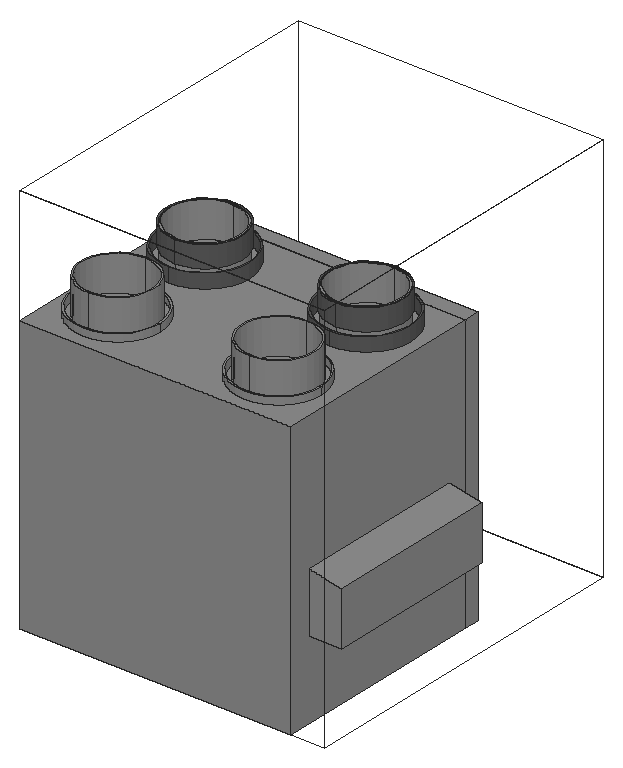
Revit family "Broan_HRV_B150H75NT_ReferenceGeometry", category Mechanical Equipment, Revit 2027
Family settings
  Round Connector Dimension = Use Diameter
  Classification = None
  Part Type = Normal
  Work Plane-Based = Yes
  Always vertical = No
  Cut with Voids When Loaded = No
  Maintain Annotation Orientation = No
  Shared = No
  Room Calculation Point = No
Parameters (values of type "Broan®_AI_Series™-110_CFM-Heat_Recovery_Ventilator_(HRV)-Top_Port-65%_eff")
  c Width MC = Width - c Width  # 2.32"
  c Vent Height = (Height - c Height)  # 2.45"
  c Top Clearance = if(c Constraints > 3, 9.00", 8.00")  # 8.00"
  c Right Clrearence = 0.00"  # constant formula
  c Offset vent side = (Length - 1.00") / 4  # 3.785"
  c MC width = Length - 4.00"  # 12.14"
  c Left Clearance = 0.00"  # constant formula
  c Height = 19.13"  # constant formula
  c Gen Diameter = if(c Constraints > 3, 6.00", 5.00")  # 5.00"
  c Front Clearance = 8.00"  # constant formula
  c Constraints = 1
  c Back Clearance = 0.00"  # constant formula
  Width = 21.07"  # constant formula
  Voltage = 120 V
  Version = ""
  URL = "https://www.broan-nutone.com/"
  Support Phone = "(224) 699-9545"  # constant formula
  Support Email = "mailto:support@anguleris.com"
  Supply Air Connection Diameter = c Gen Diameter  # 5"
  Return Air Connection Diameter = c Gen Diameter  # 5"
  Requirements and Standards = "UL 1812\r\nCSA F326\r\nCSA C439\r\nProp 65"
  Product Page URL = "https://www.broan-nutone.com/en-us/product/freshairsystems/b110h65rt"
  Product Name = "Broan® AI Series™ 110 CFM Heat Recovery Ventilator (HRV)"
  Product Documentation Link = "https://www.broan-nutone.com/getmedia/1c04f086-0de4-4a5a-b63e-71b407a4ad9e/Spec-Sheet-B110H65.pdf?ext=.pdf"
  Power Factor = 0.9
  Phase = 1
  Operating Weight = 35.00 lbf
  Number of Poles = 1
  Noise = 66.8
  Model = "B110H65RT"
  Manufacturer Phone Number = "800-558-1711"  # constant formula
  Manufacturer Contact Information = "mailto:info@broan-nutone.com"
  Manufacturer Address = "\"926 W State St, Hartford, WI 53027\""
  Manufacturer = "Broan"  # constant formula
  Length = 16.14"  # constant formula
  Height = 21.58"  # constant formula
  Frequency = 60 Hz
  Fan Wattage = 90 W
  Exhaust Air Connection Diameter = c Gen Diameter  # 5"
  Default Elevation = 0.00"
  Copyright = "\"Copyright © 2021 Broan-NuTone, LLC. All Rights Reserved\""
  c Width = 18.75"  # constant formula
  Clearance [instance] = yes
  Air Volume = if(c Constraints = 1, 110 CFM, (if(c Constraints = 2, 130 CFM, (if(c Constraints = 3, 150 CFM, (if(c Constraints = 4, 160 CFM, 160 CFM)))))))  # 110 CFM
Types (5): name | c Top Clearance | c Gen Diameter | c Constraints | Supply Air Connection Diameter | Return Air Connection Diameter | Requirements and Standards | Product Page URL | Product Name | Product Documentation Link | Power Factor | Noise | Model | Fan Wattage | Exhaust Air Connection Diameter | Air Volume
  Broan®_AI_Series™-130_CFM-Heat_Recovery_Ventilator_(HRV)-Top_Port-65%_eff | 8.00" | 5.00" | 2 | 5" | 5" | "UL 1812\r\nCSA F326\r\nCSA C439\r\nProp 65" | "https://www.broan-nutone.com/en-us/product/freshairsystems/b130h65rt" | "Broan® AI Series™ 130 CFM Heat Recovery Ventilator (HRV)" | "https://www.broan-nutone.com/getmedia/75f200b4-70e0-48f7-8651-3ee9bc02cae4/Spec-Sheet-B130H65.pdf?ext=.pdf" | 0 | 70 | "B130H65RT" | 110 W | 5" | 130 CFM
  Broan®_AI_Series™-110_CFM-Heat_Recovery_Ventilator_(HRV)-Top_Port-65%_eff | 8.00" | 5.00" | 1 | 5" | 5" | "UL 1812\r\nCSA F326\r\nCSA C439\r\nProp 65" | "https://www.broan-nutone.com/en-us/product/freshairsystems/b110h65rt" | "Broan® AI Series™ 110 CFM Heat Recovery Ventilator (HRV)" | "https://www.broan-nutone.com/getmedia/1c04f086-0de4-4a5a-b63e-71b407a4ad9e/Spec-Sheet-B110H65.pdf?ext=.pdf" | 0.9 | 66.8 | "B110H65RT" | 90 W | 5" | 110 CFM
  Broan®_AI_Series™-160_CFM-Heat_Recovery_Ventilator_(HRV)-Top_Port-65%_eff | 9.00" | 6.00" | 4 | 6" | 6" | "UL 1812\r\nCSA F326\r\nCSA C439\r\nProp 65\r\nENERGY STAR®" | "https://www.broan-nutone.com/en-us/product/freshairsystems/b160h65rt" | "Broan® AI Series™ 160 CFM Heat Recovery Ventilator (HRV)" | "https://www.broan-nutone.com/getmedia/3ec22979-19c4-4f1e-94fd-1388d9e66583/Spec-Sheet-B160H65.pdf?ext=.pdf" | 0 | 73.2 | "B160H65RT" | 163 W | 6" | 160 CFM
  Broan®_AI_Series™-160_CFM-Heat_Recovery_Ventilator_(HRV)-Top_Port-75%_eff | 9.00" | 6.00" | 5 | 6" | 6" | "UL 1812\r\nCSA F326\r\nCSA C439\r\nProp 65\r\nENERGY STAR®" | "https://www.broan-nutone.com/en-us/product/freshairsystems/b160h75rt" | "Broan® AI Series™ 160 CFM Heat Recovery Ventilator (HRV)" | "https://www.broan-nutone.com/getmedia/63e03665-c448-44af-a792-4e4f5dea1e41/Spec-Sheet-B160H75.pdf?ext=.pdf" | 0 | 73.2 | "B160H75RT" | 163 W | 6" | 160 CFM
  B150H75NT - 150 CFM nominal | 8.00" | 5.00" | 3 | 5" | 5" | "UL 1812\r\nCSA F326\r\nCSA C439\r\nProp 65\r\nENERGY STAR®" | "https://www.broan-nutone.com/en-us/product/freshairsystems/b150h75nt" | "Broan® AI Series™ 150 CFM Heat Recovery Ventilator (HRV)" | "https://www.broan-nutone.com/getmedia/926fa279-8324-464b-911a-513a9769f9b1/Spec-Sheet-B150H75.pdf?ext=.pdf" | 0.9 | 73.2 | "B150H75NT" | 163 W | 5" | 150 CFM
Reference planes (in)
  plane 1 "Center (Front/Back)": y = 0
  plane 2: z = 0
  plane 3 "Center (Left/Right)": x = 0
  plane 4: y = 8.57
  plane 5: x = 10.535
  plane 6: y = -7.57
  plane 7: x = -10.535
  plane 8: z = 21.58
  plane 9: y = 7.57
  plane 10: x = 8.215
  plane 11: y = 16.57
  plane 12: x = 10.535
  plane 13: y = -7.57
  plane 14: x = -10.535
  plane 15: y = 3.785
  plane 16: y = -3.785
  plane 17: z = 5.5
  plane 18: z = 27.13
  plane 19: z = 19.13
  plane 20: x = -6.83592
  plane 21: x = 4.31554
Forms (in)
  Extrusion 1, solid, material "Metal - Broan NuTone - Gray"
    sketch origin (0, 0, 0) x (1, 0, 0) y (0, 1, 0)
      loop
        line (8.215, 7.57) -> (-10.535, 7.57) -> (-10.535, -7.57) -> (8.215, -7.57) -> (8.215, 7.57)
    from 0 to 19.13
  Extrusion 2, solid, material "Clearances - Broan NuTone", visible <- "Clearance"
    sketch origin (0, 0, 0) x (1, 0, 0) y (0, 1, 0)
      loop
        line (-10.535, 16.57) -> (-10.535, -7.57) -> (10.535, -7.57) -> (10.535, 16.57) -> (-10.535, 16.57)
    from 0 to 27.13
  Extrusion 3, solid, material "Metal - Broan NuTone - Gray"
    sketch origin (0, 0, 0) x (1, 0, 0) y (0, 1, 0)
      loop
        line (8.215, 8.57) -> (-10.535, 8.57) -> (-10.535, 7.57) -> (8.215, 7.57) -> (8.215, 8.57)
    from 0 to 19.13
  Extrusion 4, solid
    sketch origin (0, 0, 0) x (1, 0, 0) y (0, 1, 0)
      loop
        circle (-7.87402, -5.34252) r 0.49213
    from 0 to -0.98425
Dimensions and locks (in)
  equal spacing: plane 7, plane 3 "Center (Left/Right)", plane 5
  "Height": plane 8 to level
  "Width": plane 7 to plane 5
  "Length": plane 6 to plane 4
  plane 4 to plane 9 = 1.00"
  "c Front Clearance": plane 11 to plane 4
  "c Back Clearance": plane 13 to plane 6
  "c Left Clearance": plane 14 to plane 7
  "c Right Clrearence": plane 5 to plane 12
  plane 11 to plane 4 = 8.00"
  plane 3 "Center (Left/Right)" to plane 10 = 8.215"
  equal spacing: plane 9, plane 15, plane 1 "Center (Front/Back)"
  equal spacing: plane 1 "Center (Front/Back)", plane 16, plane 6
  equal spacing: plane 6, plane 16, plane 1 "Center (Front/Back)"
  "c Offset vent side": plane 1 "Center (Front/Back)" to plane 15
  plane 17 to level = 5.50"
  "c Top Clearance": plane 18 to plane 19
  "c Height": plane 19 to level
  "c Width": plane 7 to plane 10
  aligned and locked: plane 2 to level
  aligned and locked: plane 9 to Extrusion 1 sketch curve
  aligned and locked: plane 10 to Extrusion 1 sketch curve
  aligned and locked: plane 6 to Extrusion 1 sketch curve
  aligned and locked: nested 1 to plane 10
  aligned and locked: nested 1 to plane 17
  aligned and locked: plane 1 "Center (Front/Back)" to nested 1
  aligned and locked: Extrusion 2 sketch curve to plane 12
  aligned and locked: plane 13 to Extrusion 2 sketch curve
  aligned and locked: plane 14 to Extrusion 2 sketch curve
  aligned and locked: Extrusion 2 sketch curve to plane 11
  aligned and locked: plane 18 to Extrusion 2
  aligned and locked: plane 19 to Extrusion 1
  aligned and locked: Extrusion 1 to plane 7
  aligned and locked: plane 20 to nested 4
  aligned and locked: plane 20 to nested 2
  aligned and locked: plane 21 to nested 5
  aligned and locked: plane 21 to nested 3
  aligned and locked: plane 16 to nested 2
  aligned and locked: nested 4 to plane 15
  aligned and locked: nested 5 to plane 15
  aligned and locked: plane 16 to nested 3
  aligned and locked: plane 4 to Extrusion 3 sketch curve
  aligned and locked: Extrusion 3 sketch curve to plane 7
  aligned and locked: Extrusion 3 sketch curve to plane 9
  aligned and locked: plane 10 to Extrusion 3 sketch curve
  aligned and locked: plane 19 to Extrusion 3
  aligned and locked: Extrusion 2 to level
Automatic sketch dimensions
  plane 7 to Extrusion 1 sketch curve = 0.00"
  Extrusion 4 sketch curve to Extrusion 4 sketch curve = 0.00"  (x2)
  Extrusion 4 sketch curve to plane 20 = 1.0381"
  plane 16 to Extrusion 4 sketch curve = 1.55752"
  Extrusion 4 sketch curve to Extrusion 4 sketch curve = 0.49213"
Nested families (in)
  nested 1: "MC" at (8.215, 6.07, 5.5) x (0, -1, 0) z (0, 0, 1), Width <- "c MC width", type "MC"
    with Width 12.14", Offset 0.4176", Height 4.176", Depth 2.32"
  nested 2: "Vent" at (-6.83592, -3.785, 19.13), type "Vent"
    with S Border yes, Border visibility no, Upper Border Height 1.47", Height 2.45", Border Height 0.98"
  nested 3: "Vent" at (4.31554, -3.785, 19.13), type "Vent"
    with S Border yes, Border visibility no, Upper Border Height 1.47", Height 2.45", Border Height 0.98"
  nested 4: "Vent" at (-6.83592, 3.785, 19.13), type "Vent"
    with S Border no, Border visibility yes, Upper Border Height 1.47", Height 2.45", Border Height 0.98"
  nested 5: "Vent" at (4.31554, 3.785, 19.13), type "Vent"
    with S Border no, Border visibility yes, Upper Border Height 1.47", Height 2.45", Border Height 0.98"
Connectors (in)
  electrical at (9.375, 6.07, 7.4836), driven by "Voltage", driven by "Power Factor"
    settings: on nested 1, index 5, voltage 120 V, apparent load 0 VA, apparent load phase1 180 VA, apparent load phase2 0 VA, apparent load phase3 0 VA, power factor 0.9, load classification "Power", number of poles 1, system type 31, power factor state 1, is connector primary yes, connector utility no, sub classification motor no, connector description ""
  hvac at (4.31554, -3.785, 21.58), driven by "c Gen Diameter", driven by "Air Volume"
    settings: on nested 3, index 6, duct flow 110 CFM, flow factor 0, pres drop 0.00 in-wg, loss coef 0, conn angle 0.00°, conn width 12", conn height 12", conn diameter 5", duct sys type 3, conn prof type 0, flow config 0, flow direction 0, loss method 0, conn ref index -1, conn util no, is conn primary yes, conn desc "Exhaust air from building"
  hvac at (4.31554, 3.785, 21.58), driven by "c Gen Diameter", driven by "Air Volume"
    settings: on nested 5, index 7, duct flow 110 CFM, flow factor 0, pres drop 0.00 in-wg, loss coef 0, conn angle 0.00°, conn width 12", conn height 12", conn diameter 5", duct sys type 2, conn prof type 0, flow config 0, flow direction 0, loss method 0, conn ref index -1, conn util no, is conn primary no, conn desc "Fresh air from outside"
  hvac at (-6.83592, -3.785, 21.58), driven by "c Gen Diameter", driven by "Air Volume"
    settings: on nested 2, index 8, duct flow 110 CFM, flow factor 0, pres drop 0.00 in-wg, loss coef 0, conn angle 0.00°, conn width 12", conn height 12", conn diameter 5", duct sys type 1, conn prof type 0, flow config 0, flow direction 0, loss method 0, conn ref index -1, conn util no, is conn primary no, conn desc "Fresh air to building"
  hvac at (-6.83592, 3.785, 21.58), driven by "c Gen Diameter", driven by "Air Volume"
    settings: on nested 4, index 9, duct flow 110 CFM, flow factor 0, pres drop 0.00 in-wg, loss coef 0, conn angle 0.00°, conn width 12", conn height 12", conn diameter 5", duct sys type 3, conn prof type 0, flow config 0, flow direction 0, loss method 0, conn ref index -1, conn util no, is conn primary no, conn desc "Exhaust air to outside"
  piping at (-7.87402, -5.34252, -0.98425), diameter 0.5
    settings: on Extrusion 4, index 10, connector inside diameter 24", connector length 0.00", flow factor 0, pipe flow 0 GPM, pressure drop 0.00 psi, fitting loss kfactor 0, connector angle 0.00°, fixture units 0, engagement length 0.00", angle of deflection 0.00°, flow configuration 0, flow direction 2, fitting loss method 0, system type 16, joint type 0, gender type 0, connector reference index -1, connector utility 0, adjustable connector no, is connector primary yes, connector description "Condensate drain (P-10)"
Definition of nested family "MC"
  Parameters (values of type "MC")
    Width [instance] = 18.51858"
    Screen = none
    Offset [instance] = Height / 10  # 0.4527"
    Material = none
    Height = 1.8 * Depth  # 4.527"
    Depth = 2.515"
    Default Elevation = 0.00"
    Connector = none
  Reference planes (in)
    plane 1 "Center (Front/Back)": y = 0
    plane 2: z = 0
    plane 3 "Center (Left/Right)": x = 0
    plane 4: y = 2.515
    plane 5: x = 18.51858
    plane 6: z = 4.527
    plane 7: z = 4.0743
    plane 8: x = 9.25929
  Forms (in)
    Extrusion 1, solid, material <- "Material"
      sketch origin (0, 0, 0) x (0, 1, 0) y (0, 0, 1)
        loop
          line (0, 0) -> (2.515, 0) -> (2.515, 4.0743) -> (0, 4.527) -> (0, 0)
      from 0 to 18.51858
    Extrusion 2, solid, material <- "Screen", detail levels medium+fine
      sketch origin (0, 0, 0) x (0, 1, 0) y (0, 0, 1)
        loop
          line (0.6, 3.43791) -> (0.6, 1.93791) -> (1.915, 1.93791) -> (1.915, 3.43791) -> (0.6, 3.43791)
      from -0.01 to 0
    Extrusion 3, solid, material <- "Connector", detail levels medium+fine
      sketch origin (0, 0, -1) x (0, 1, 0) y (0, 0, 1)
        loop
          line (0.725, 2.08758) -> (0.725, 2.30151)
          arc (0.725, 2.30151) -> (0.6, 2.42651) -> (0.475, 2.30151) r 0.125
          line (0.475, 2.30151) -> (0.475, 2.08758)
          arc (0.475, 2.08758) -> (0.6, 1.96258) -> (0.725, 2.08758) r 0.125
        loop
          arc (1.79, 2.19695) -> (1.915, 2.07195) -> (2.04, 2.19695) r 0.125
          line (2.04, 2.19695) -> (2.04, 2.30151)
          arc (2.04, 2.30151) -> (1.915, 2.42651) -> (1.79, 2.30151) r 0.125
          line (1.79, 2.30151) -> (1.79, 2.19695)
      from -0.01 to 0
  Dimensions and locks (in)
    "Depth": plane 1 "Center (Front/Back)" to plane 4
    "Width": plane 3 "Center (Left/Right)" to plane 5
    "Height": plane 6 to level
    "Offset": plane 6 to plane 7
    equal spacing: plane 5, plane 8, plane 3 "Center (Left/Right)"
    Extrusion 2 sketch curve to plane 1 "Center (Front/Back)" = 0.60"
    plane 4 to Extrusion 2 sketch curve = 0.60"
    Extrusion 2 sketch curve to Extrusion 2 sketch curve to level = 1.50" locked, 1.93791" locked
    aligned and locked: plane 2 to level
    aligned and locked: Extrusion 1 sketch curve to plane 1 "Center (Front/Back)"
    aligned and locked: Extrusion 1 sketch curve to plane 4
    aligned and locked: level to Extrusion 1 sketch curve
    aligned and locked: plane 7 to Extrusion 1 sketch curve
    aligned and locked: plane 6 to Extrusion 1 sketch curve
    aligned and locked: plane 5 to Extrusion 1
    aligned and locked: Extrusion 1 to plane 3 "Center (Left/Right)"
    aligned and locked: plane 3 "Center (Left/Right)" to Extrusion 2
  Automatic sketch dimensions
    Extrusion 3 sketch curve to plane 1 "Center (Front/Back)" = 0.475"
    Extrusion 3 sketch curve to Extrusion 3 sketch curve = 0.125"  (x2)
    Extrusion 3 sketch curve to plane 4 = 0.725"
    level to Extrusion 3 sketch curve = 1.08758"
    level to Extrusion 3 sketch curve = 1.19695"
    Extrusion 3 sketch curve to Extrusion 3 sketch curve = 0.10456"
    Extrusion 3 sketch curve to Extrusion 3 sketch curve = 0.21393"
Definition of nested family "Vent"
  Parameters (values of type "Vent")
    Width = 0.10"
    Vent Material = none
    Upper border width = 0.10"
    Upper Border Height = 1.5 * Border Height  # 1.509"
    S Border [instance] = no
    Radius = Diameter / 2  # 2.50"
    Height = 2.515"
    Diameter = 5.00"
    Default Elevation = 48.00"
    Border visibility [instance] = not(S Border)  # yes
    Border Width = Width  # 0.10"
    Border Material = none
    Border Height = Height / 2.5  # 1.006"
    Border = Diameter / 8  # 0.625"
  Reference planes (in)
    plane 1 "Center (Front/Back)": y = 0
    plane 2: z = 0
    plane 3 "Center (Left/Right)": x = 0
    plane 4: y = 3.125
    plane 5: y = 2.5
    plane 6: z = 2.515
    plane 7: z = 1.006
    plane 8: y = 2.4
    plane 9: z = 1.006
    plane 10: x = -2.5
    plane 11: x = 2.5
  Forms (in)
    Revolve 1, solid, material <- "Vent Material", detail levels coarse
      sketch origin (0, 0, 0) x (0, 1, 0) y (0, 0, 1)
        loop
          line (0, 2.515) -> (0, 0) -> (2.5, 0) -> (2.5, 2.515) -> (0, 2.515)
        axis (0, 2.515) -> (0, 0)
      angle from 0 to 360
    Revolve 2, solid, material <- "Vent Material", detail levels medium+fine
      sketch origin (0, 0, 0) x (0, 1, 0) y (0, 0, 1)
        loop
          line (2.4, 2.515) -> (2.4, 0) -> (2.5, 0) -> (2.5, 2.515) -> (2.4, 2.515)
        axis (0, 2.515) -> (0, 0)
      angle from 0 to 360
    Revolve 3, solid, material <- "Border Material", visible <- "Border visibility", detail levels medium+fine
      sketch origin (0, 0, 0) x (0, 1, 0) y (0, 0, 1)
        loop
          line (3.125, 1.006) -> (3.025, 1.006) -> (3.025, 0) -> (3.125, 0) -> (3.125, 1.006)
        axis (0, 1.006) -> (0, 0)
      angle from 0 to 360
    Revolve 4, solid, material <- "Border Material", visible <- "Border visibility", detail levels medium+fine
      sketch origin (0, 0, 0) x (0, 1, 0) y (0, 0, 1)
        loop
          line (2.5, 2.515) -> (2.5, 1.006) -> (2.6, 1.006) -> (2.6, 2.515) -> (2.5, 2.515)
        axis (0, 2.515) -> (0, 1.006)
      angle from 0 to 360
    Revolve 5, solid, material <- "Vent Material", visible <- "S Border", detail levels medium+fine
      sketch origin (0, 0, 0) x (1, 0, 0) y (0, 0, 1)
        loop
          line (-2.9, 0) -> (-2.9, 0.5) -> (-3.00488, 0.5) -> (-3.00488, 0) -> (-2.9, 0)
        axis (0, 0.5) -> (0, 0)
      angle from 0 to 360
  Dimensions and locks (in)
    "Radius": plane 5 to plane 1 "Center (Front/Back)"
    "Border": plane 4 to plane 5
    "Border Height": plane 7 to level
    "Height": plane 6 to level
    "Width": plane 5 to plane 8
    "Border Width": plane 4 to Revolve 3 sketch curve
    "Upper border width": Revolve 4 sketch curve to Revolve 4 sketch curve
    "Upper Border Height": plane 6 to plane 9
    equal spacing: plane 11, plane 3 "Center (Left/Right)", plane 10
    "Diameter": plane 11 to plane 10
    plane 10 to Revolve 5 sketch curve to Revolve 5 sketch curve = 0.40", 0.10488" locked
    locked: Revolve 5 sketch curve to level at 0.5
    aligned and locked: plane 2 to level
    aligned and locked: Revolve 1 sketch curve to Revolve 1 sketch curve
    aligned and locked: plane 6 to Revolve 1 sketch curve
    aligned and locked: Revolve 1 sketch curve to plane 5
    aligned and locked: Revolve 2 sketch curve to plane 6
    aligned and locked: level to Revolve 2 sketch curve
    aligned and locked: Revolve 2 sketch curve to plane 8
    aligned and locked: plane 5 to Revolve 2 sketch curve
    aligned and locked: Revolve 3 sketch curve to plane 4
    aligned and locked: plane 7 to Revolve 3 sketch curve
    aligned and locked: Revolve 3 sketch curve to level
    aligned and locked: Revolve 4 sketch curve to plane 5
    aligned and locked: Revolve 4 sketch curve to plane 9
  Automatic sketch dimensions
    Revolve 1 sketch curve to plane 1 "Center (Front/Back)" = 0.00"
    Revolve 1 sketch curve to level = 0.00"
    Revolve 1 sketch curve to level = 24.00"
    plane 6 to Revolve 1 sketch curve = 79.96332"
    Revolve 5 sketch curve to level = 0.00"
    Revolve 5 sketch curve to plane 3 "Center (Left/Right)" = 0.00"
    Revolve 5 sketch curve to level = 24.00"
    plane 6 to Revolve 5 sketch curve = 100.20382"
    Revolve 3 sketch curve to plane 1 "Center (Front/Back)" = 0.00"
    Revolve 3 sketch curve to level = 24.00"
    plane 6 to Revolve 3 sketch curve = 79.96332"
    Revolve 4 sketch curve to plane 1 "Center (Front/Back)" = 0.00"
    Revolve 4 sketch curve to plane 6 = 0.00"
    Revolve 4 sketch curve to level = 24.00"
    plane 6 to Revolve 4 sketch curve = 79.96332"
